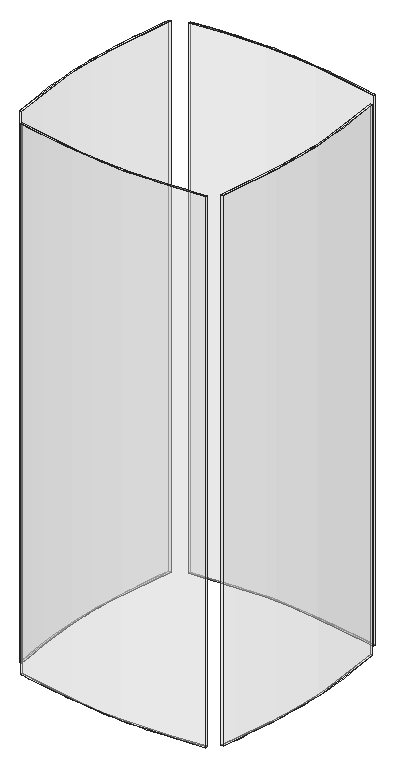
Revit family "SH-1736", category Lighting Fixtures, host Face, Revit 2017
Family settings
  Host = Face
  Round Connector Dimension = Use Diameter
  Part Type = Normal
  Cut with Voids When Loaded = No
  Light Source = Yes
  Shared = No
  Room Calculation Point = No
Parameters (values of type "SH-1736(Black color-3000K-E27)")
  website = "www.shoaco.com"
  instalation = "Surface mounted"
  consumption current = 0.06 A
  color temperature = "3000K"
  color rendering index(CRI) = ""
  Width = 18.444 cm
  Wattage. = 9 W
  Wattage = 9 W
  Voltage/Frequency = "230v/50hz"
  built-in parameter 1150110 = 1 (stored number, unit not read)
  URL = "https://www.shoaco.com/fa/product/%DA%86%D8%B1%D8%A7%D8%BA-%D9%87%D8%A7%DB%8C-%D8%AD%DB%8C%D8%A7%D8%B7%DB%8C/568-%DA%86%D8%B1%D8%A7%D8%BA-%D9%87%D8%A7%DB%8C-%D8%AD%DB%8C%D8%A7%D8%B7%DB%8C-%D9%85%D8%AF%D9%84-SH-1736.html"
  Type medule = ""
  built-in parameter 1114217 = 1 (stored number, unit not read)
  Tilt Angle = 90.00°
  built-in parameter 1150109 = 1 (stored number, unit not read)
  built-in parameter 1150134 = 3
  built-in parameter 1150113 = 1 (stored number, unit not read)
  Protection Class = "Class I"
  Photometric Web File = "4376_V-TAC7WLEDBulbE27A60Thermoplastic3000K_1-5117.ies"
  Model = "SH-1736"
  Manufacturer = "SHOA"
  built-in parameter 1150105 = 50.134 (stored number, unit not read)
  Lumens = 630 lm
  built-in parameter 1150115 = 1 (stored number, unit not read)
  built-in parameter 1150137 = (empty or 0)
  built-in parameter 1150139 = (empty or 0)
  built-in parameter 1150112 = 1 (stored number, unit not read)
  built-in parameter 1150114 = 1 (stored number, unit not read)
  Lamp = "E27"
  built-in parameter 1150132 = (empty or 0)
  built-in parameter 1150102 = (empty or 0)
  built-in parameter 1150107 = 3200 (stored number, unit not read)
  built-in parameter 1150138 = (empty or 0)
  built-in parameter 1150106 = 0.50134 (stored number, unit not read)
  IP = "IP44"
  Height = 68.566 cm
  Flicker = ""
  Emit from Circle Diameter = 60.96 cm
  Emit Shape Visible in Rendering = no
  built-in parameter 1150104 = 6.5032 (stored number, unit not read)
  Dimming Lamp Color Temperature Shift = <None>
  Diffuser Material = "Acrylic"
  Diffuser [instance] = Diffuser
  Default Elevation = 121.92 cm
  Color Filter = 16777215
  Body color = Black Body
  Body Material = "Aluminum"
  built-in parameter 1114218 = 1 (stored number, unit not read)
  built-in parameter 1150133 = 10 (stored number, unit not read)
Reference planes (cm)
  plane 1 "Center (Front/Back)": y = 0
  plane 2: z = 0
  plane 3 "Center (Left/Right)": x = 0
  plane 4: z = 0
  plane 5: z = 68.566
  plane 6: x = -9.2727
  plane 7: x = 9.1713
  plane 8: x = 5
  plane 9: x = -5
Dimensions and locks (cm)
  "Height": plane 5 to host face
  "Width": plane 6 to plane 7
  locked: plane 8 to plane 9 at 10
  aligned and locked: plane 2 to host face
  aligned and locked: level to host face
Automatic sketch dimensions
  host sketch curve to host sketch curve = 243.84 cm  (x2)
Nested families (cm)
  nested 1: "1736" at (0.1042, 0.5704, -0.15), Body color <- "Body color", Diffuser <- "Diffuser", type "7136"
    with Diffuser Diffuser, Body color Black Body
Connectors (cm)
  electrical at (0.0486, 0.6568, 34.2)
    settings: on nested 1, index 2, voltage 230 V, apparent load 0 VA, apparent load phase1 0 VA, apparent load phase2 0 VA, apparent load phase3 0 VA, power factor 1, load classification "Other", number of poles 1, system type 31, power factor state 1, is connector primary yes, connector utility no, sub classification motor no, connector description ""
Definition of nested family "1736"
  Parameters (values of type "Family2")
    Diffuser [instance] = none
    Body color [instance] = none
  Reference planes (cm)
    plane 1 "Center (Front/Back)": y = 0
    plane 2: z = 0
    plane 3 "Center (Left/Right)": x = 0
  Forms (cm)
    Extrusion 1, solid, material <- "Diffuser"
      sketch origin (0, 0, 0) x (1, 0, 0) y (0, 1, 0)
        loop
          line (-5.3203, 6.1882) -> (-5.331, 6.0529)
          spline (-5.331, 6.0529) -> (-4.6757, 6.1436) -> (-3.5563, 6.2913) -> (-2.5351, 6.4097) -> (-1.7064, 6.4846) -> (-1.0107, 6.5252) -> (-0.3893, 6.5397) -> (0.2142, 6.5331) -> (0.8522, 6.5096) -> (1.5518, 6.4701) -> (2.3487, 6.4104) -> (3.5319, 6.2836) -> (5.5642, 6.0136)
          line (5.5642, 6.0136) -> (5.5642, 6.1536)
          spline (5.5642, 6.1536) -> (5.3001, 6.1945) -> (4.7048, 6.2847) -> (3.8903, 6.3849) -> (2.9668, 6.4804) -> (2.0446, 6.5604) -> (1.1974, 6.6169) -> (0.4022, 6.6494) -> (-0.3795, 6.6588) -> (-1.1894, 6.6451) -> (-2.1469, 6.5891) -> (-3.455, 6.4505) -> (-5.3203, 6.1882)
      from 35.87 to 64.79
    Extrusion 2, solid, material <- "Diffuser"
      sketch origin (0.0007, 0.113, 0) x (0, 1, 0) y (-1, 0, 0)
        loop
          line (-5.3203, 6.1882) -> (-5.331, 6.0529)
          spline (-5.331, 6.0529) -> (-4.6757, 6.1436) -> (-3.5563, 6.2913) -> (-2.5351, 6.4097) -> (-1.7064, 6.4846) -> (-1.0107, 6.5252) -> (-0.3893, 6.5397) -> (0.2142, 6.5331) -> (0.8522, 6.5096) -> (1.5518, 6.4701) -> (2.3487, 6.4104) -> (3.5319, 6.2836) -> (5.5642, 6.0136)
          line (5.5642, 6.0136) -> (5.5642, 6.1536)
          spline (5.5642, 6.1536) -> (5.3001, 6.1945) -> (4.7048, 6.2847) -> (3.8903, 6.3849) -> (2.9668, 6.4804) -> (2.0446, 6.5604) -> (1.1974, 6.6169) -> (0.4022, 6.6494) -> (-0.3795, 6.6588) -> (-1.1894, 6.6451) -> (-2.1469, 6.5891) -> (-3.455, 6.4505) -> (-5.3203, 6.1882)
      from 35.87 to 64.79
    Extrusion 3, solid, material <- "Diffuser"
      sketch origin (0.1494, 0.0493, 0) x (-1, 0, 0) y (0, -1, 0)
        loop
          line (-5.3203, 6.1882) -> (-5.331, 6.0529)
          spline (-5.331, 6.0529) -> (-4.6757, 6.1436) -> (-3.5563, 6.2913) -> (-2.5351, 6.4097) -> (-1.7064, 6.4846) -> (-1.0107, 6.5252) -> (-0.3893, 6.5397) -> (0.2142, 6.5331) -> (0.8522, 6.5096) -> (1.5518, 6.4701) -> (2.3487, 6.4104) -> (3.5319, 6.2836) -> (5.5642, 6.0136)
          line (5.5642, 6.0136) -> (5.5642, 6.1536)
          spline (5.5642, 6.1536) -> (5.3001, 6.1945) -> (4.7048, 6.2847) -> (3.8903, 6.3849) -> (2.9668, 6.4804) -> (2.0446, 6.5604) -> (1.1974, 6.6169) -> (0.4022, 6.6494) -> (-0.3795, 6.6588) -> (-1.1894, 6.6451) -> (-2.1469, 6.5891) -> (-3.455, 6.4505) -> (-5.3203, 6.1882)
      from 35.87 to 64.79
    Extrusion 4, solid, material <- "Diffuser"
      sketch origin (-0.1667, 0.0356, 0) x (0, -1, 0) y (1, 0, 0)
        loop
          line (-5.3203, 6.1882) -> (-5.331, 6.0529)
          spline (-5.331, 6.0529) -> (-4.6757, 6.1436) -> (-3.5563, 6.2913) -> (-2.5351, 6.4097) -> (-1.7064, 6.4846) -> (-1.0107, 6.5252) -> (-0.3893, 6.5397) -> (0.2142, 6.5331) -> (0.8522, 6.5096) -> (1.5518, 6.4701) -> (2.3487, 6.4104) -> (3.5319, 6.2836) -> (5.5642, 6.0136)
          line (5.5642, 6.0136) -> (5.5642, 6.1536)
          spline (5.5642, 6.1536) -> (5.3001, 6.1945) -> (4.7048, 6.2847) -> (3.8903, 6.3849) -> (2.9668, 6.4804) -> (2.0446, 6.5604) -> (1.1974, 6.6169) -> (0.4022, 6.6494) -> (-0.3795, 6.6588) -> (-1.1894, 6.6451) -> (-2.1469, 6.5891) -> (-3.455, 6.4505) -> (-5.3203, 6.1882)
      from 35.87 to 64.79
  Cuts and joins
    joined: Extrusion 1, Extrusion 2, Extrusion 3, Extrusion 4
  Dimensions and locks (cm)
    aligned and locked: plane 2 to level
